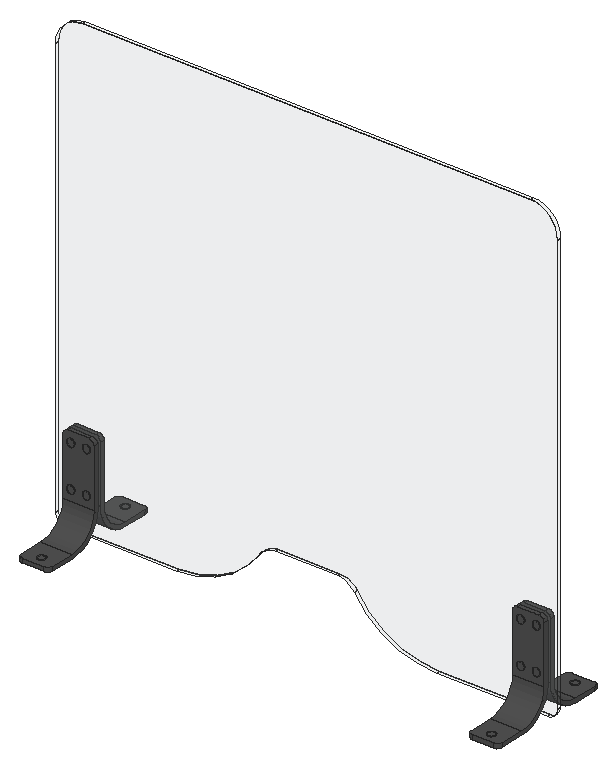
Revit family "Clarus_beShield_Front & Back Bolt Legs_R19", category Furniture, host Face, Revit 2019
Family settings
  Host = Face
  Cut with Voids When Loaded = No
  Shared = No
  Room Calculation Point = No
Parameters (values of type "48" x 44"")
  Window [instance] = yes
  Width = 48"
  URL = "https://www.clarus.com/"
  TRC Standards [instance] = "http://therevitcollection.com/news/trc-news-the-revit-collection-standards-explained/"
  Shield [instance] = not(Window)  # no
  Product URL = "https://www.clarus.com/be-shield/"
  More Revit Families! [instance] = "www.therevitcollection.com"
  Modeled By = "Commense Studio"  # constant formula
  Model = "be! Shield"  # constant formula
  Manufacturer = "Clarus"  # constant formula
  Leg Finish [instance] = Clarus Black
  Glass Depth = 3/8"
  Clarus Glass [instance] = Glass
  Description = "be! Shield is elegantly engineered to add a seamless layer of non-porous, antimicrobial tempered glass to ensure the health and safety of patrons and employees. It’s the perfect solution for the collaborative needs of your workspace."  # constant formula
  Height = 44"
  Designer = ""
  Depth = 12"  # constant formula
  Default Elevation = 0"
  Assembly Code = ""
Types (7): name | Width | Leg Finish | Height
  (no name) | 48" | Clarus Black | 44"
  36" x 24" | 36" | Clarus Black | 24"
  48" x 24" | 48" | Clarus White | 24"
  36" x 34" | 36" | Clarus White | 34"
  48" x 34" | 48" | Clarus Black | 34"
  36" x 44" | 36" | Clarus Black | 44"
  48" x 44" | 48" | Clarus Black | 44"
Reference planes (in)
  plane 1 "Center (Front/Back)": y = 0
  plane 2: z = 0
  plane 3 "Center (Left/Right)": x = 0
  plane 4 "L": x = -24
  plane 5 "R": x = 24
  plane 6 "B": y = 0.1875
  plane 7 "F": y = -0.1875
  plane 8: z = 44
  plane 9: x = 12.5
  plane 10: x = -12.5
  plane 11: z = 5.25
  plane 12: x = -21.5
  plane 13: x = 21.5
Forms (in)
  Extrusion 1, solid, material "Glass" <- "Clarus Glass", visible <- "Window"
    sketch origin (0, 0, 0) x (1, 0, 0) y (0, 0, 1)
      loop
        arc (-21.375, 44) -> (-23.23116, 43.23116) -> (-24, 41.375) r 2.625
        line (-24, 41.375) -> (-24, 1.25)
        arc (-24, 1.25) -> (-23.70711, 0.54289) -> (-23, 0.25) r 1
        line (-23, 0.25) -> (-12.42908, 0.25)
        arc (-12.42908, 0.25) -> (-7.99968, 1.34581) -> (-4.59213, 4.38043) r 9.5
        arc (-4.59213, 4.38043) -> (-3.87475, 5.0193) -> (-2.94225, 5.25) r 2
        line (-2.94225, 5.25) -> (2.94225, 5.25)
        arc (2.94225, 5.25) -> (3.87475, 5.0193) -> (4.59213, 4.38043) r 2
        arc (4.59213, 4.38043) -> (7.99968, 1.34581) -> (12.42908, 0.25) r 9.5
        line (12.42908, 0.25) -> (23, 0.25)
        arc (23, 0.25) -> (23.70711, 0.54289) -> (24, 1.25) r 1
        line (24, 1.25) -> (24, 41.375)
        arc (24, 41.375) -> (23.23116, 43.23116) -> (21.375, 44) r 2.625
        line (21.375, 44) -> (-21.375, 44)
    from -0.1875 to 0.1875
  Extrusion 2, solid, material "Glass" <- "Clarus Glass", visible <- "Shield"
    sketch origin (0, 0, 0) x (1, 0, 0) y (0, 0, 1)
      loop
        arc (-21.375, 44) -> (-23.23116, 43.23116) -> (-24, 41.375) r 2.625
        line (-24, 41.375) -> (-24, 1.25)
        arc (-24, 1.25) -> (-23.70711, 0.54289) -> (-23, 0.25) r 1
        line (-23, 0.25) -> (23, 0.25)
        arc (23, 0.25) -> (23.70711, 0.54289) -> (24, 1.25) r 1
        line (24, 1.25) -> (24, 41.375)
        arc (24, 41.375) -> (23.23116, 43.23116) -> (21.375, 44) r 2.625
        line (21.375, 44) -> (-21.375, 44)
    from -0.1875 to 0.1875
Dimensions and locks (in)
  equal spacing: plane 4 "L", plane 3 "Center (Left/Right)", plane 5 "R"
  "Width": plane 4 "L" to plane 5 "R"
  equal spacing: plane 7 "F", plane 1 "Center (Front/Back)", plane 6 "B"
  "Glass Depth": plane 7 "F" to plane 6 "B"
  "Height": plane 8 to level
  plane 10 to plane 3 "Center (Left/Right)" to plane 9 = 12 1/2", 12 1/2"
  plane 11 to level = 5 1/4"
  locked: plane 4 "L" to plane 12 at 2.5
  locked: plane 13 to plane 5 "R" at 2.5
  aligned and locked: plane 2 to host face
  aligned and locked: level to host face
  aligned and locked: Extrusion 1 sketch curve to plane 11
  aligned and locked: Extrusion 1 to plane 6 "B"
  aligned and locked: plane 7 "F" to Extrusion 1
  aligned and locked: nested 1 to plane 12
  aligned and locked: plane 13 to nested 2
  aligned and locked: plane 4 "L" to Extrusion 2 sketch curve
  aligned and locked: Extrusion 2 sketch curve to plane 5 "R"
  aligned and locked: Extrusion 2 sketch curve to plane 8
Automatic sketch dimensions
  host sketch curve to host sketch curve = 96"  (x2)
  Extrusion 1 sketch curve to plane 4 "L" = 0"
  Extrusion 1 sketch curve to plane 8 = 0"
  Extrusion 1 sketch curve to plane 5 "R" = 0"
  level to Extrusion 1 sketch curve = 1/4"  (x2)
  plane 4 "L" to Extrusion 1 sketch curve = 1"
  plane 4 "L" to Extrusion 1 sketch curve = 2 5/8"
  Extrusion 1 sketch curve to plane 3 "Center (Left/Right)" = 2.94225"
  plane 3 "Center (Left/Right)" to Extrusion 1 sketch curve = 2.94225"
  Extrusion 1 sketch curve to plane 9 = 0.07092"
  Extrusion 1 sketch curve to Extrusion 1 sketch curve = 2 5/8"
  Extrusion 1 sketch curve to plane 5 "R" = 1"
  Extrusion 1 sketch curve to plane 11 = 2"  (x2)
  plane 11 to Extrusion 1 sketch curve = 4 1/2"  (x2)
  Extrusion 1 sketch curve to plane 10 = 0.07092"
  level to Extrusion 2 sketch curve = 1/4"
  plane 4 "L" to Extrusion 2 sketch curve = 1"
  Extrusion 2 sketch curve to plane 12 = 1/8"
  Extrusion 2 sketch curve to plane 13 = 1/8"
  Extrusion 2 sketch curve to Extrusion 2 sketch curve = 1"
Nested families (in)
  nested 1: "Clarus_beShield_F&B Bolt_R18" at (-21.5, 0.5625, 0), Core Finish <- "Leg Finish", type "Front & Back"
    with TRC Standards "http://therevitcollection.com/news/trc-news-the-revit-collection-standards-explained/", More Revit Families! "www.therevitcollection.com", Core Finish Clarus Black
  nested 2: "Clarus_beShield_F&B Bolt_R18" at (21.5, 0.5625, 0), Core Finish <- "Leg Finish", type "Front & Back"
    with TRC Standards "http://therevitcollection.com/news/trc-news-the-revit-collection-standards-explained/", More Revit Families! "www.therevitcollection.com", Core Finish Clarus Black
Definition of nested family "Clarus_beShield_F&B Bolt_R18"
  Parameters (values of type "Front & Back")
    Width = 3"  # constant formula
    URL = "https://www.clarus.com/"
    TRC Standards [instance] = "http://therevitcollection.com/news/trc-news-the-revit-collection-standards-explained/"
    Product URL = "https://www.clarus.com/be-shield/"
    More Revit Families! [instance] = "www.therevitcollection.com"
    Modeled By = "Commense Studio"  # constant formula
    Model = "be! Shield"  # constant formula
    Manufacturer = "Clarus"  # constant formula
    D Control = Depth / 2  # 6"
    Core Finish [instance] = none
    Description = "be! Shield Leg Configs"  # constant formula
    Height = 9"  # constant formula
    Designer = ""
    Depth = 12"
    Default Elevation = 0"
    Assembly Code = ""
  Reference planes (in)
    plane 1 "Center (Front/Back)": y = 0
    plane 2: z = 0
    plane 3 "Center (Left/Right)": x = 0
    plane 4 "L": x = -1.5
    plane 5 "R": x = 1.5
    plane 6: z = 9
    plane 7: y = -0.375
    plane 8: y = -0.75
    plane 9: y = 5.4375
    plane 10 "cl": y = -0.5625
    plane 11: y = -6.5625
    plane 12: y = -1.125
    plane 13: y = -5.5625
    plane 14: y = -2.5625
    plane 15: y = -8.39063
    plane 16: y = -7.73438
  Forms (in)
    Extrusion 1, solid
      sketch origin (0, 0, 0) x (1, 0, 0) y (0, 1, 0)
        loop
          line (-48, 48) -> (-48, -48) -> (48, -48) -> (48, 48) -> (-48, 48)
      from 0 to -12
    Extrusion 2, solid, material <- "Core Finish"
      sketch origin (0, -0.75984, 0) x (1, 0, 0) y (0, 0, 1)
        loop
          arc (-1, 9) -> (-1.35355, 8.85355) -> (-1.5, 8.5) r 0.5
          line (-1.5, 8.5) -> (-1.5, 3.00001) -> (1.5, 3.00001) -> (1.5, 8.5)
          arc (1.5, 8.5) -> (1.35355, 8.85355) -> (1, 9) r 0.5
          line (1, 9) -> (-1, 9)
      from -0.00984 to 0.36516
    Extrusion 3, void
      sketch origin (0, 0, 0) x (1, 0, 0) y (0, 0, 1)
        loop
          circle (-0.75197, 8.00344) r 0.37503
        loop
          circle (-0.75197, 8.00344) r 0.3594
        loop
          circle (0.75197, 8.00344) r 0.37503
        loop
          circle (0.75197, 8.00344) r 0.3594
        loop
          circle (-0.75197, 4.00344) r 0.37503
        loop
          circle (-0.75197, 4.00344) r 0.3594
        loop
          circle (0.75197, 4.00344) r 0.37503
        loop
          circle (0.75197, 4.00344) r 0.3594
      from 0 to 2
    Extrusion 4, solid, material <- "Core Finish"
      sketch origin (10.61611, 0, 0) x (0, 0, 1) y (0, -1, 0)
        loop
          line (0.375, 3.75) -> (0.375, 6.5625) -> (0, 6.5625) -> (0, 3.75)
          arc (0, 3.75) -> (0.87868, 1.62868) -> (3, 0.75) r 3
          line (3, 0.75) -> (3, 1.125)
          arc (3, 1.125) -> (1.14385, 1.89384) -> (0.375, 3.75) r 2.625
        loop
          arc (0.375, -2.625) -> (1.14385, -0.76884) -> (3, 0) r 2.625
          line (3, 0) -> (3, 0.375)
          arc (3, 0.375) -> (0.87868, -0.50368) -> (0, -2.625) r 3
          line (0, -2.625) -> (0, -5.4375) -> (0.375, -5.4375) -> (0.375, -2.625)
      from -12.11611 to -9.11611
    Extrusion 5, solid, material <- "Core Finish"
      sketch origin (0, -0.75984, 0) x (1, 0, 0) y (0, 0, 1)
        loop
          arc (-1, 9) -> (-1.35355, 8.85355) -> (-1.5, 8.5) r 0.5
          line (-1.5, 8.5) -> (-1.5, 3.00001) -> (1.5, 3.00001) -> (1.5, 8.5)
          arc (1.5, 8.5) -> (1.35355, 8.85355) -> (1, 9) r 0.5
          line (1, 9) -> (-1, 9)
      from -0.75984 to -0.38484
    Extrusion 6, void
      sketch origin (0, 11.80266, 0) x (1, 0, 0) y (0, 1, 0)
        loop
          line (-1, -6.36516) -> (-1.5, -6.36516) -> (-1.5, -6.86516)
          arc (-1.5, -6.86516) -> (-1.35355, -6.5116) -> (-1, -6.36516) r 0.5
        loop
          arc (1, -6.36516) -> (1.35355, -6.5116) -> (1.5, -6.86516) r 0.5
          line (1.5, -6.86516) -> (1.5, -6.36516) -> (1, -6.36516)
        loop
          arc (-1, -18.36516) -> (-1.35355, -18.21871) -> (-1.5, -17.86516) r 0.5
          line (-1.5, -17.86516) -> (-1.5, -18.36516) -> (-1, -18.36516)
        loop
          line (1, -18.36516) -> (1.5, -18.36516) -> (1.5, -17.86516)
          arc (1.5, -17.86516) -> (1.35355, -18.21871) -> (1, -18.36516) r 0.5
      from 0 to 0.5
    Extrusion 7, void
      sketch origin (0, 0, 0) x (1, 0, 0) y (0, 1, 0)
        loop
          circle (0, -5.5625) r 0.37503
        loop
          circle (0, -5.5625) r 0.3594
        loop
          circle (0, 4.4375) r 0.37503
        loop
          circle (0, 4.4375) r 0.3594
      from 0 to 0.5
  Cuts and joins
    Extrusion 3, Extrusion 7 cuts Extrusion 2
    Extrusion 6, Extrusion 7 cuts Extrusion 4
    Extrusion 3, Extrusion 7 cuts Extrusion 5
    joined: Extrusion 2, Extrusion 4, Extrusion 5
  Dimensions and locks (in)
    equal spacing: plane 4 "L", plane 3 "Center (Left/Right)", plane 5 "R"
    "Width": plane 4 "L" to plane 5 "R"
    "Height": plane 6 to level
    plane 8 to plane 7 to plane 1 "Center (Front/Back)" = 3/8" locked, 3/8"
    "D Control": plane 10 "cl" to plane 9
    "D Control": plane 10 "cl" to plane 11
    plane 11 to plane 13 to plane 14 = 1" locked, 3" locked
    aligned and locked: plane 2 to Extrusion 1
    aligned and locked: level to Extrusion 1
    aligned and locked: Extrusion 5 to plane 1 "Center (Front/Back)"
    aligned and locked: plane 7 to Extrusion 5
    aligned and locked: cut or joined group of Extrusion 2, Extrusion 3, Extrusion 4, Extrusion 5, Extrusion 6, Extrusion 7 to plane 8
    aligned and locked: plane 12 to cut or joined group of Extrusion 2, Extrusion 3, Extrusion 4, Extrusion 5, Extrusion 6, Extrusion 7
  Automatic sketch dimensions
    Extrusion 1 sketch curve to Extrusion 1 sketch curve = 96"  (x2)
    Extrusion 2 sketch curve to plane 4 "L" = 0"
    Extrusion 2 sketch curve to plane 6 = 0"
    Extrusion 2 sketch curve to plane 5 "R" = 0"
    plane 4 "L" to Extrusion 2 sketch curve = 1/2"
    Extrusion 2 sketch curve to plane 5 "R" = 1/2"
    level to Extrusion 2 sketch curve = 3"
    Extrusion 3 sketch curve to Extrusion 3 sketch curve = 0"  (x9)
    plane 4 "L" to Extrusion 3 sketch curve = 0.74803"  (x2)
    Extrusion 3 sketch curve to plane 5 "R" = 0.74803"  (x2)
    level to Extrusion 3 sketch curve = 4.00344"
    Extrusion 3 sketch curve to plane 6 = 0.99656"  (x2)
    Extrusion 4 sketch curve to plane 9 = 0"
    Extrusion 4 sketch curve to plane 11 = 0"
    Extrusion 4 sketch curve to plane 12 = 0"
    Extrusion 4 sketch curve to plane 1 "Center (Front/Back)" = 0"
    level to Extrusion 4 sketch curve = 0"  (x2)
    Extrusion 4 sketch curve to Extrusion 4 sketch curve = 3/8"  (x2)
    level to Extrusion 4 sketch curve = 3"
    Extrusion 4 sketch curve to Extrusion 4 sketch curve = 2 5/8"
    Extrusion 4 sketch curve to plane 1 "Center (Front/Back)" = 2 5/8"
    Extrusion 4 sketch curve to Extrusion 4 sketch curve = 0"  (x4)
    plane 8 to Extrusion 4 sketch curve = 0"
    Extrusion 5 sketch curve to plane 4 "L" = 0"
    Extrusion 5 sketch curve to plane 6 = 0"
    Extrusion 5 sketch curve to plane 5 "R" = 0"
    plane 4 "L" to Extrusion 5 sketch curve = 1/2"
    Extrusion 5 sketch curve to plane 5 "R" = 1/2"
    level to Extrusion 5 sketch curve = 3"
    Extrusion 6 sketch curve to plane 4 "L" = 0"  (x4)
    plane 9 to Extrusion 6 sketch curve = 0"  (x2)
    Extrusion 6 sketch curve to plane 11 = 0"  (x2)
    Extrusion 6 sketch curve to plane 5 "R" = 0"  (x4)
    plane 4 "L" to Extrusion 6 sketch curve = 1/2"  (x2)
    Extrusion 6 sketch curve to Extrusion 6 sketch curve = 1/2"  (x2)
    Extrusion 6 sketch curve to Extrusion 6 sketch curve = 0"  (x8)
    Extrusion 7 sketch curve to Extrusion 7 sketch curve = 0"  (x4)
    Extrusion 7 sketch curve to plane 3 "Center (Left/Right)" = 0"  (x2)
    plane 13 to Extrusion 7 sketch curve = 0"
    plane 9 to Extrusion 7 sketch curve = 1"
    radius of Extrusion 3 sketch curve = 0.37503"  (x4)
    radius of Extrusion 3 sketch curve = 0.3594"  (x4)
    radius of Extrusion 7 sketch curve = 0.37503"  (x2)
    radius of Extrusion 7 sketch curve = 0.3594"  (x2)
